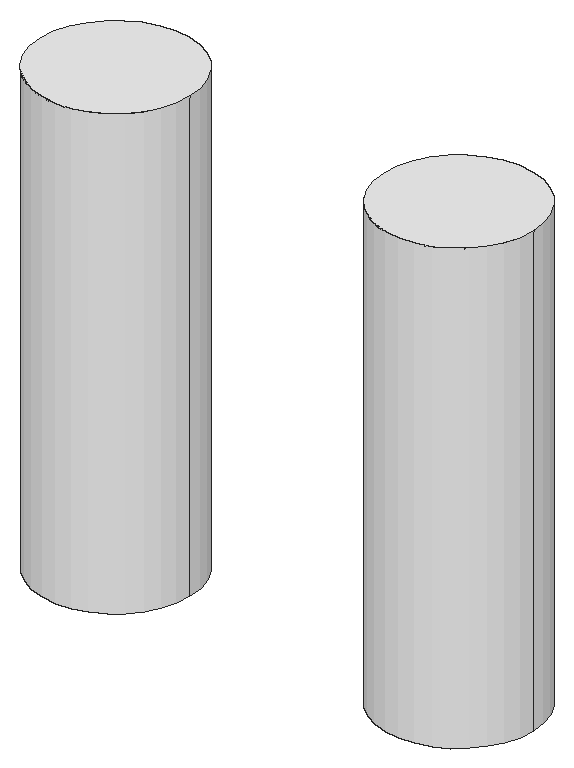
Revit family "64432210", category Plumbing Fixtures, Revit 2016
Family settings
  Part Type = Normal
  Round Connector Dimension = Use Diameter
  OmniClass Number = 23.45.55.00
  OmniClass Title = Sanitary Faucets, Wastes
  Work Plane-Based = No
  Always vertical = Yes
  Cut with Voids When Loaded = No
  Shared = No
  Room Calculation Point = No
Parameters (values of type "64432210 Washbasin faucet, 6 V")
  WorkingPressure = "100 - 1000 kPa"
  WarrantyStartDate [instance] = "n/a"
  WarrantyGuarantorParts = "n/a"
  WarrantyGuarantorLabor = "n/a"
  WarrantyDurationUnit = "Year"
  WarrantyDurationParts = "n/a"
  WarrantyDurationLabor = "n/a"
  WarrantyDescription = "http://warranty.hansa.com"
  VersionDate = "01/01/2019"  # constant formula
  Version = "2"  # constant formula
  ValvePattern = "n/a"
  ValveOperation = "n/a"
  ValveMechanism = "n/a"
  Usage Group = "Offices, personnel sanitary facilities;Pharmacies, Opticians, Dentists;Hospitals;Gas stations;Schools;Households"
  Uniclass2015Reference = "Pr_40_20_87_96"
  Uniclass2015Description = "Washbasin manual water supply sets"
  Uniclass2 = "Pr_40_30_96_96"
  URL STF = "http://static.hansa.com/STF/64432210"
  URL ETA-Danmark = "http://static.hansa.com/ETADanmark/64432210"
  URL CSTB = "http://static.hansa.com/CSTB/64432210"
  URL ACS = "http://static.hansa.com/ACS/64432210"
  URL = ""
  TestPressure = "n/a"
  Temperature = "Temperature fixable;Temperature regulator"
  TagNumber [instance] = "n/a"
  SustainabilityPerformance = "n/a"
  Spout Type = "Fixed spout"
  Spare Parts = "http://static.hansa.com/sp/64432210"
  Size = "72x166x165 mm"
  Shower Spray = "1 spray"
  Shape = "Sculptured"
  SerialNumber [instance] = "n/a"
  STF Certificate = "STF VTT-RTH-00031-11"
  Revision = "2"  # constant formula
  ReplacementCost = "n/a"
  Recognition Range = "Optimally preset"
  Protection Class = "IP 55"
  Projection = 112 mm
  ProductInformation = "Touchless washbasin faucet with a temperature adjustment handle"
  Product URL = "http://static.hansa.com/64432210"
  Product Image URL = "http://static.hansa.com/image/64432210"
  Product Family = "HANSAELECTRA"
  Product Datasheet = "http://www.hansa.com/datasheet/64432210/en"
  Product Code = "64432210"
  Pressure Loss With Flow 01ls = 200000.0 Pa
  Pipes = "Flexible inlet pipes"
  Package external Dimensions = "290 x 210 x 90"
  Package Weight = "2.0970 kg"
  OperatingMechanismMaterial = "n/a"
  Operating Voltage = 6 V
  NominalWidth = 72 mm
  NominalHeight = 164.5 mm
  NominalDepth = 166 mm
  Noise Class = "I (ISO 3822)"
  Name_en = "64432210 Washbasin faucet, 6 V"
  Name = "64432210 Washbasin faucet, 6 V"
  NBSReference = "45-35-70/371"
  NBSDescription = "Water supply fittings for wash basins and troughs"
  Mounting Holes = "1 mounting hole"
  ModelReference = "64432210"
  ModelNumber = "n/a"
  Model = "64432210 Washbasin faucet, 6 V"
  Mechanical Parts = "Litter filter"
  Max. Hot Water Supply = 70 °C
  Max Flow Period = 120.0 s
  Material = "Brass"
  Market = "AUT;BEL;CZE;DEU;ESP;FRA;INT;ITA;NLD;SVK"
  ManufacturerName = "Hansa"
  Manufacturer = "Hansa"
  ManufacterURL = "http://www.hansa.com/"
  Keynote = ""
  Intelligent After Flow Period = "2 s ± 1 s"
  InstallationDate [instance] = "n/a"
  Installation and Maintenance = "http://static.hansa.com/manual/64432210"
  Installation Type = "Deck mounted"
  InletConnectionSize = 10 mm
  IfcExportType = "FAUCET"  # constant formula
  IfcExportAs = "IfcValveType"  # constant formula
  Health Sales Arguments = "Touchfree"
  Group = "Washbasin faucets"
  Grade = "n/a"
  FlowCoefficient = 0
  Flow Rate At 300kPa With Flow Controller = 0.1 L/s
  Flow Drawing URL = "http://static.hansa.com/flowchart/64432210"
  Finish = "Polished"
  Features = "Touchless, battery operated"
  FaucetMainMaterial = Brass
  FDV Document URL = "http://www.hansa.com/datasheet/64432210/en/fdv"
  Extensions = "No pop-up waste included"
  ExpectedLife = "n/a"
  Electronic Parts = "Solenoid valve;Infrared sensor"
  ETA-Danmark = "VA 1.42/19924"
  EN Standard = "EN 15091"
  EMC Directive = "2004/108/EY"
  EAN Number = "4015474273375"
  DurationUnit = "Year"
  Dimension Drawing URL = "http://static.hansa.com/dimdrw/64432210"
  Description = ""
  DefaultElevation [instance] = 900 mm
  DN Size = "DN15"
  Customs Code = "84818011"
  ConvergoRefNr = "0087-1806-0135-FI"
  Constituents = "n/a"
  Connection Size = "G3/8"
  Color = "Chrome"
  CodePerformance = "n/a"
  CloseOffRating = 0
  Class = "Touchless, battery operated"
  Category = "Bathroom, public"
  Catalog Drawing URL = "http://static.hansa.com/catdrw/64432210"
  Brand = "Hansa"
  BodyMaterial = "Brass"
  Battery = "Lithium 2CR5 6 V"
  Barcode [instance] = "n/a"
  Backflow Prevention EN1717 = "EB"
  BIMObjectName = "64432210"
  Author = "Convergo AB"  # constant formula
  AssetType = "Fixed"
  AssetIdentifier [instance] = "n/a"
  Approval CSTB = "322-M1-17/1"
  Approval ACS = "15 ACC LY 337"
  Aerator = "Burglarproof"
  Advanced Features = "Convertible for cold and premixed-water;Without draw-rod opening"
  AccessibilityPerformance = "n/a"
  2D/3D/BIM Files URL = "http://static.hansa.com/bim/64432210"
Reference planes
  plane 1 "Center (Front/Back)": y = 0
  plane 2: z = 0
  plane 3 "Center (Left/Right)": x = 0
  plane 4: x = -30
  plane 5: z = 900
  plane 6: z = 870
  plane 7: y = -166
  plane 8: x = 30
  plane 9: z = 1064.5
  plane 10: x = 42
Forms (mm)
  Extrusion 1, solid, material "Brass" <- "FaucetMainMaterial"
    sketch origin (0, -7.518, 0) x (1, 0, 0) y (0, 1, 0)
      loop
        circle (-11.5, -22.5) r 5
      loop
        circle (11.5, -22.5) r 5
    from 870 to 900
Dimensions and locks
  "DefaultElevation": plane 5 to level
  locked: plane 5 to plane 6 at 30
  "NominalDepth": plane 7 to plane 1 "Center (Front/Back)"
  equal spacing: plane 4, plane 3 "Center (Left/Right)", plane 8
  "NominalHeight": plane 9 to plane 5
  plane 8 to plane 10 = 12 mm
  "NominalWidth": plane 4 to plane 10
  "InletConnectionSize": diameter of Extrusion 1 sketch curve  (x2)
  aligned and locked: level to plane 2
  aligned and locked: plane 5 to Extrusion 1
  aligned and locked: Extrusion 1 to plane 6
  aligned and locked: nested 2 to plane 5
Automatic sketch dimensions
  Extrusion 1 sketch curve to plane 3 "Center (Left/Right)" = 11.5 mm
  plane 3 "Center (Left/Right)" to Extrusion 1 sketch curve = 11.5 mm
  plane 1 "Center (Front/Back)" to Extrusion 1 sketch curve = 30.018 mm  (x2)
Nested families
  nested 1: "Symbol" at (0, 0, 0), type "Symbol", detail levels coarse
  nested 2: "64432210_p" at (0, 0, 900), Material <- "FaucetMainMaterial", type "64432210_p"
    with Material Brass
Connectors
  piping at (-11.5, -30.018, 870), diameter 10, driven by "InletConnectionSize", driven by "Flow Rate At 300kPa With Flow Controller"
    settings: on Extrusion 1, index 1, connector inside diameter 609.6 mm, connector length 0 mm, flow factor 0, pipe flow 0.1 L/s, pressure drop 0.0 Pa, fitting loss kfactor 0, connector angle 0.00°, fixture units 0, engagement length 0 mm, angle of deflection 0.00°, flow configuration 1, flow direction 1, fitting loss method 0, system type 19, joint type 0, gender type 0, connector reference index -1, connector utility 0, adjustable connector no, is connector primary yes, connector description ""
  piping at (11.5, -30.018, 870), diameter 10, driven by "InletConnectionSize", driven by "Flow Rate At 300kPa With Flow Controller"
    settings: on Extrusion 1, index 2, connector inside diameter 609.6 mm, connector length 0 mm, flow factor 0, pipe flow 0.1 L/s, pressure drop 0.0 Pa, fitting loss kfactor 0, connector angle 0.00°, fixture units 0, engagement length 0 mm, angle of deflection 0.00°, flow configuration 1, flow direction 1, fitting loss method 0, system type 20, joint type 0, gender type 0, connector reference index -1, connector utility 0, adjustable connector no, is connector primary no, connector description ""
Definition of nested family "Symbol"
  Reference planes
    plane 1: y = 0
    plane 2: x = 0
  Lines and regions (mm)
    detail lines
      curve 1: line (0, 0, 0) -> (0, -1.8, 0)
      curve 2: line (-0.4, -1.1, 0) -> (0.4, -1.1, 0)
      curve 3: line (-0.4, -1.4, 0) -> (0.4, -1.4, 0)
      curve 4: line (0.863, 0, 0) -> (-0.863, 0, 0)
      curve 5: circle (-1.163, 0, 0) r 0.3 normal (0, 0, -1)
      curve 6: circle (1.163, 0, 0) r 0.3 normal (0, 0, 1)
Definition of nested family "64432210_p"
  Parameters (values of type "64432210_p")
    Material [instance] = none
  Reference planes
    plane 1 "Center (Front/Back)": y = 0
    plane 2: z = 0
    plane 3 "Center (Left/Right)": x = 0
    plane 4: x = -30
    plane 5: y = -166
    plane 6: z = 164.5
    plane 7: x = 42
    plane 8: x = 30
  Forms (mm)
    Extrusion 1, solid, material <- "Material", detail levels medium
      sketch origin (0, 0, 0) x (0, 1, 0) y (0, 0, 1)
        loop
          line (0, 0) -> (-0.98, 14.021)
          arc (-0.98, 14.021) -> (-4.144, 57.243) -> (-7.589, 100.444) r 6666.752
          arc (-7.589, 100.444) -> (-10.232, 122.951) -> (-14.403, 145.226) r 332.337
          arc (-14.403, 145.226) -> (-22.122, 149.687) -> (-30.202, 153.455) r 101.655
          arc (-30.202, 153.455) -> (-47.19, 159.142) -> (-64.802, 162.42) r 129.021
          arc (-64.802, 162.42) -> (-81.264, 163.886) -> (-97.779, 164.5) r 320.433
          arc (-97.779, 164.5) -> (-131.097, 162.782) -> (-163.936, 156.897) r 265.338
          arc (-163.936, 156.897) -> (-165.372, 155.948) -> (-165.88, 154.303) r 2.554
          arc (-165.88, 154.303) -> (-163.178, 146.522) -> (-156.658, 141.488) r 14.42
          line (-156.658, 141.488) -> (-131.463, 131.782) -> (-92.404, 116.734)
          arc (-92.404, 116.734) -> (-81.58, 110.057) -> (-73.9, 99.919) r 34.582
          arc (-73.9, 99.919) -> (-70.701, 92.358) -> (-68.479, 84.453) r 65.113
          arc (-68.479, 84.453) -> (-65.428, 68.02) -> (-63.28, 51.443) r 305.441
          arc (-63.28, 51.443) -> (-62.937, 47.983) -> (-62.612, 44.521) r 653.25
          arc (-62.612, 44.521) -> (-62.331, 41.351) -> (-62.066, 38.18) r 653.25
          arc (-62.066, 38.18) -> (-61.616, 32.316) -> (-61.218, 26.448) r 653.25
          arc (-61.218, 26.448) -> (-61.033, 23.392) -> (-60.861, 20.336) r 653.25
          arc (-60.861, 20.336) -> (-60.56, 14.197) -> (-60.317, 8.056) r 653.25
          line (-60.317, 8.056) -> (-60.035, 0) -> (0, 0)
      from -30 to 30
    Revolve 2, solid, material <- "Material", detail levels medium
      sketch origin (0, 0, 0) x (0, 1, 0) y (0, 0, 1)
        loop
          line (-145.66, 132.973) -> (-132.659, 128.496) -> (-129.935, 136.408) -> (-142.935, 140.885) -> (-145.66, 132.973)
        axis (-142.935, 140.885) -> (-145.66, 132.973)
      angle from 0 to 360
    Extrusion 3, solid, material <- "Material", detail levels medium
      sketch origin (0, 0, 0) x (1, 0, 0) y (0, 0, 1)
        loop
          line (29.742, 10.407) -> (31.934, 10.407)
          arc (31.934, 10.407) -> (38.355, 12.878) -> (41.461, 19.017) r 9.576
          arc (41.461, 19.017) -> (41.865, 24.333) -> (42, 29.663) r 105.5
          line (42, 29.663) -> (42, 37.409)
          arc (42, 37.409) -> (39.73, 39.886) -> (37.065, 37.841) r 2.487
          line (37.065, 37.841) -> (35.418, 28.502)
          arc (35.418, 28.502) -> (34.607, 27.098) -> (33.084, 26.543) r 2.37
          line (33.084, 26.543) -> (29.341, 26.543) -> (23.062, 26.543) -> (23.062, 10.407) -> (29.742, 10.407)
      from 22.981 to 37.141
    Extrusion 4, solid, material <- "Material", detail levels coarse
      sketch origin (0, 0, 0) x (1, 0, 0) y (0, 1, 0)
        loop
          line (42, -166) -> (42, 0) -> (-30, 0) -> (-30, -166) -> (42, -166)
      from 0 to 164.5
  Cuts and joins
    joined: Extrusion 1, Revolve 2, Extrusion 3
  Lines and regions (mm)
    symbolic lines, detail levels medium+fine
      curve 1: line (0, 0, 0) -> (0, -60.035, 0)
      curve 2: line (0, 0, 0) -> (0, -0.98, 14.021)
      curve 3: arc (0, -0.98, 14.021) -> (0, -4.144, 57.243) -> (0, -7.589, 100.444) r 6666.752
      curve 4: arc (0, -7.589, 100.444) -> (0, -10.232, 122.951) -> (0, -14.403, 145.226) r 332.337
      curve 5: arc (0, -14.403, 145.226) -> (0, -22.122, 149.687) -> (0, -30.202, 153.455) r 101.655
      curve 6: arc (0, -30.202, 153.455) -> (0, -47.19, 159.142) -> (0, -64.802, 162.42) r 129.021
      curve 7: arc (0, -64.802, 162.42) -> (0, -81.264, 163.886) -> (0, -97.779, 164.5) r 320.433
      curve 8: arc (0, -97.779, 164.5) -> (0, -131.097, 162.782) -> (0, -163.936, 156.897) r 265.338
      curve 9: line (0, -60.035, 0) -> (0, -60.317, 8.056)
      curve 10: arc (0, -60.317, 8.056) -> (0, -60.56, 14.197) -> (0, -60.861, 20.336) r 653.25
      curve 11: arc (0, -63.28, 51.443) -> (0, -65.428, 68.02) -> (0, -68.479, 84.453) r 305.441
      curve 12: arc (0, -68.479, 84.453) -> (0, -70.701, 92.358) -> (0, -73.9, 99.919) r 65.113
      curve 13: arc (0, -73.9, 99.919) -> (0, -81.58, 110.057) -> (0, -92.404, 116.734) r 34.582
      curve 14: line (0, -92.404, 116.734) -> (0, -131.463, 131.782)
      curve 15: arc (0, -163.936, 156.897) -> (0, -165.372, 155.948) -> (0, -165.88, 154.303) r 2.554
      curve 16: line (0, -132.659, 128.496) -> (0, -131.463, 131.782)
      curve 17: line (0, -132.659, 128.496) -> (0, -158.661, 137.449)
      curve 18: line (0, -158.661, 137.449) -> (0, -157.194, 141.708)
      curve 19: arc (0, -157.194, 141.708) -> (0, -163.345, 146.759) -> (0, -165.88, 154.303) r 14.42
      curve 21: arc (0, -62.612, 44.521) -> (0, -63.501, 41.25) -> (0, -62.066, 38.18) r 4.924
      curve 22: arc (0, -61.218, 26.448) -> (0, -62.138, 23.327) -> (0, -60.861, 20.336) r 4.809
      curve 23: arc (0, -61.218, 26.448) -> (0, -61.616, 32.316) -> (0, -62.066, 38.18) r 653.25
      curve 25: arc (0, -62.612, 44.521) -> (0, -62.937, 47.983) -> (0, -63.28, 51.443) r 653.25
      curve 27: arc (28.451, -20.484, 0) -> (-10.329, -1.834, 0) -> (-27.857, -41.134, 0) r 30
      curve 28: line (-27.857, -41.134, 0) -> (-22.999, -133.844, 0)
      curve 29: line (27.857, -41.134, 0) -> (22.999, -133.844, 0)
      curve 30: spline (-22.999, -133.844, 0) -> (-22.215, -142.166, 0) -> (-19.917, -149.922, 0) -> (-16.263, -156.582, 0) -> (-11.499, -161.692, 0) -> (-5.952, -164.904, 0) -> (0, -166, 0) -> (5.952, -164.904, 0) -> (11.499, -161.692, 0) -> (16.263, -156.582, 0) -> (19.917, -149.922, 0) -> (22.215, -142.166, 0) -> (22.999, -133.844, 0)
      curve 33: arc (31.966, -20.484, 0) -> (34.006, -20.532, 0) -> (36.042, -20.673, 0) r 44.017
      curve 34: arc (36.042, -20.673, 0) -> (38.848, -21.761, 0) -> (40.664, -24.161, 0) r 5.506
      curve 35: arc (40.664, -24.161, 0) -> (41.808, -28.469, 0) -> (41.972, -32.923, 0) r 20.073
      curve 36: line (32.017, -36.525, 0) -> (36.009, -36.525, 0)
      curve 37: arc (36.009, -36.525, 0) -> (36.741, -36.555, 0) -> (37.468, -36.647, 0) r 8.775
      curve 38: arc (37.468, -36.647, 0) -> (39.129, -37.377, 0) -> (40.79, -36.647, 0) r 2.254
      curve 39: arc (41.972, -32.923, 0) -> (41.599, -34.854, 0) -> (40.79, -36.647, 0) r 8.455
      curve 41: line (28.451, -20.484, 0) -> (31.966, -20.484, 0)
      curve 42: line (29.282, -36.525, 0) -> (32.017, -36.525, 0)
      curve 43: arc (27.857, -41.134, 0) -> (28.662, -38.858, 0) -> (29.282, -36.525, 0) r 30
      curve 44: line (-30, 0, 0) -> (30, 0, 0)
      curve 45: line (-30, 0, 0) -> (-27.422, 0, 103.86)
      curve 46: arc (-27.422, 0, 103.86) -> (-25.929, 0, 132.936) -> (-22.897, 0, 161.892) r 549.448
      curve 47: arc (-22.897, 0, 161.892) -> (0.005, 0, 164.5) -> (22.902, 0, 161.853) r 101.116
      curve 54: line (30, 0, 0) -> (29.742, 0, 10.407)
      curve 55: arc (27.422, 0, 103.86) -> (25.93, 0, 132.916) -> (22.902, 0, 161.853) r 549.448
      curve 56: line (29.341, 0, 26.543) -> (33.084, 0, 26.543)
      curve 57: line (35.418, 0, 28.502) -> (37.065, 0, 37.841)
      curve 58: arc (33.084, 0, 26.543) -> (34.607, 0, 27.098) -> (35.418, 0, 28.502) r 2.37
      curve 59: line (29.742, 0, 10.407) -> (31.934, 0, 10.407)
      curve 60: arc (31.934, 0, 10.407) -> (38.355, 0, 12.878) -> (41.461, 0, 19.017) r 9.576
      curve 61: line (42, 0, 37.409) -> (42, 0, 29.663)
      curve 62: arc (37.065, 0, 37.841) -> (39.73, 0, 39.886) -> (42, 0, 37.409) r 2.487
      curve 63: line (29.341, 0, 26.543) -> (27.422, 0, 103.86)
      curve 65: arc (41.461, 0, 19.017) -> (41.865, 0, 24.333) -> (42, 0, 29.663) r 105.5
    symbolic lines, detail levels fine
      curve 20: arc (0, -131.463, 131.782) -> (0, -143.554, 138.756) -> (0, -157.199, 141.697) r 45.083
      curve 24: arc (0, -60.861, 20.336) -> (0, -61.033, 23.392) -> (0, -61.218, 26.448) r 653.25
      curve 26: arc (0, -62.066, 38.18) -> (0, -62.331, 41.351) -> (0, -62.612, 44.521) r 653.25
      curve 31: line (27.834, -20.484, 0) -> (28.451, -20.484, 0)
      curve 32: line (29.001, -36.525, 0) -> (29.282, -36.525, 0)
      curve 40: arc (27.834, -20.484, 0) -> (29.372, -28.435, 0) -> (29.001, -36.525, 0) r 34.274
      curve 48: circle (0, 0, 41.246) r 3.487 normal (0, -1, 0)
      curve 49: circle (0, 0, 23.246) r 3.487 normal (0, -1, 0)
      curve 50: line (-13.774, 0, 132.996) -> (-13.774, 0, 138.45)
      curve 51: line (13.774, 0, 132.996) -> (13.774, 0, 138.45)
      curve 52: spline (13.774, 0, 132.996) -> (13.305, 0, 134.11) -> (11.929, 0, 135.149) -> (9.74, 0, 136.041) -> (6.887, 0, 136.726) -> (3.565, 0, 137.156) -> (0, 0, 137.303) -> (-3.565, 0, 137.156) -> (-6.887, 0, 136.726) -> (-9.74, 0, 136.041) -> (-11.929, 0, 135.149) -> (-13.305, 0, 134.11) -> (-13.774, 0, 132.996) -> (-13.305, 0, 131.881) -> (-11.929, 0, 130.842) -> (-9.74, 0, 129.95) -> (-6.887, 0, 129.265) -> (-3.565, 0, 128.835) -> (0, 0, 128.688) -> (3.565, 0, 128.835) -> (6.887, 0, 129.265) -> (9.74, 0, 129.95) -> (11.929, 0, 130.842) -> (13.305, 0, 131.881) -> (13.774, 0, 132.996)
      curve 53: spline (-13.774, 0, 138.45) -> (-13.305, 0, 139.248) -> (-11.929, 0, 139.992) -> (-9.74, 0, 140.631) -> (-6.887, 0, 141.121) -> (-3.565, 0, 141.43) -> (0, 0, 141.535) -> (3.565, 0, 141.43) -> (6.887, 0, 141.121) -> (9.74, 0, 140.631) -> (11.929, 0, 139.992) -> (13.305, 0, 139.248) -> (13.774, 0, 138.45)
      curve 64: line (29.742, 0, 10.407) -> (29.341, 0, 26.543)
  Dimensions and locks
    aligned and locked: level to plane 2
